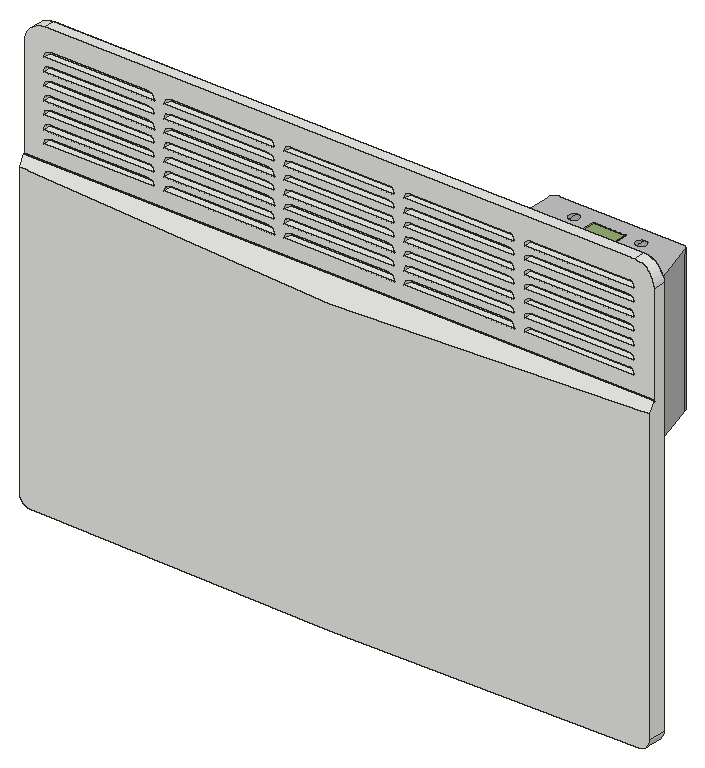
Revit family "Robuust 1500 SMART", category Generic Models, Revit 2018 (continued)
Cuts and joins
  Sweep 2, Extrusion 3, Extrusion 4, Extrusion 5, Extrusion 6, Extrusion 7, Extrusion 8, Extrusion 9, Extrusion 10, Extrusion 11, Extrusion 12, Extrusion 13, Extrusion 14, Extrusion 15, Extrusion 16, Extrusion 17, Extrusion 18, Extrusion 19, Extrusion 20, Extrusion 21, Extrusion 22, Extrusion 23, Extrusion 24, Extrusion 25, Extrusion 26, Extrusion 27, Extrusion 28, Extrusion 29, Extrusion 30, Extrusion 31, Extrusion 32, Extrusion 33, Extrusion 34, Extrusion 35, Extrusion 36, Extrusion 37, Extrusion 38, Extrusion 39, Extrusion 40, Extrusion 41, Extrusion 42, Extrusion 43, Extrusion 44, Extrusion 45, Extrusion 46, Extrusion 47, Extrusion 48, Extrusion 49, Extrusion 50, Extrusion 51, Extrusion 52, Extrusion 53, Extrusion 54, Extrusion 55, Extrusion 56, Extrusion 57, Extrusion 58, Extrusion 59, Extrusion 60, Extrusion 61, Extrusion 62, Extrusion 63, Extrusion 64, Extrusion 65, Extrusion 66, Extrusion 67, Extrusion 68, Extrusion 156, Extrusion 157, Extrusion 158, Extrusion 159, Extrusion 160, Extrusion 161, Extrusion 162, Extrusion 163, Extrusion 164, Extrusion 165, Extrusion 166, Extrusion 167, Extrusion 168, Extrusion 169, Extrusion 170, Extrusion 171, Extrusion 172, Extrusion 173, Extrusion 174, Extrusion 175 cuts Extrusion 1
  Extrusion 70, Extrusion 71, Extrusion 72, Extrusion 73, Extrusion 74, Extrusion 75, Extrusion 76, Extrusion 77, Extrusion 78, Extrusion 79, Extrusion 80, Extrusion 81, Extrusion 82, Extrusion 83, Extrusion 84, Extrusion 85, Extrusion 86, Extrusion 87, Extrusion 88, Extrusion 89, Extrusion 90, Extrusion 91, Extrusion 92, Extrusion 93, Extrusion 94, Extrusion 95, Extrusion 96, Extrusion 97, Extrusion 98, Extrusion 99, Extrusion 149, Extrusion 150, Extrusion 151, Extrusion 152, Extrusion 153, Extrusion 154, Extrusion 155, Extrusion 156, Extrusion 157, Extrusion 158, Extrusion 159, Extrusion 160, Extrusion 166, Extrusion 167, Extrusion 168, Extrusion 169, Extrusion 170 cuts Extrusion 69
  Extrusion 101, Extrusion 105, Extrusion 106, Extrusion 107, Extrusion 142, Extrusion 143 cuts Extrusion 100
  Extrusion 143 cuts Extrusion 108
  Extrusion 143 cuts Extrusion 109
  Extrusion 143 cuts Extrusion 110
  Extrusion 143 cuts Extrusion 111
  Extrusion 143 cuts Extrusion 112
  Extrusion 143 cuts Extrusion 113
  Extrusion 143 cuts Extrusion 114
  Extrusion 143 cuts Extrusion 115
  Extrusion 143 cuts Extrusion 116
  Extrusion 143 cuts Extrusion 117
  Extrusion 143 cuts Extrusion 118
  Extrusion 143 cuts Extrusion 119
  Extrusion 143 cuts Extrusion 120
  Extrusion 143 cuts Extrusion 121
  Extrusion 143 cuts Extrusion 122
  Extrusion 143 cuts Extrusion 123
  Extrusion 143 cuts Extrusion 124
  Extrusion 143 cuts Extrusion 125
  Extrusion 143 cuts Extrusion 126
  Extrusion 143 cuts Extrusion 127
  Extrusion 143 cuts Extrusion 128
  Extrusion 143 cuts Extrusion 129
  Extrusion 143 cuts Extrusion 130
  Extrusion 143 cuts Extrusion 131
  Extrusion 143 cuts Extrusion 132
  Extrusion 143 cuts Extrusion 133
  Extrusion 143 cuts Extrusion 134
  Extrusion 143 cuts Extrusion 135
  Extrusion 143 cuts Extrusion 136
  Extrusion 143 cuts Extrusion 137
  Extrusion 143 cuts Extrusion 138
  Extrusion 143 cuts Extrusion 139
  Extrusion 143 cuts Extrusion 140
  Extrusion 143 cuts Extrusion 141
  joined: Extrusion 100, Extrusion 108, Extrusion 109, Extrusion 110, Extrusion 111, Extrusion 112, Extrusion 113, Extrusion 114, Extrusion 115, Extrusion 116, Extrusion 117, Extrusion 118, Extrusion 119, Extrusion 120, Extrusion 121, Extrusion 122, Extrusion 123, Extrusion 124, Extrusion 125, Extrusion 126, Extrusion 127, Extrusion 128, Extrusion 129, Extrusion 130, Extrusion 131, Extrusion 132, Extrusion 133, Extrusion 134, Extrusion 135, Extrusion 136, Extrusion 137, Extrusion 138, Extrusion 139, Extrusion 140, Extrusion 141
  Extrusion 104 cuts Extrusion 103
Lines and regions (mm)
  sketch lines
    curve 1: line (-260, -30, 0) -> (-260, -30, 370)
    curve 2: line (-260, -30, 370) -> (260, -30, 370)
    curve 3: line (260, -30, 370) -> (260, -30, 0)
Dimensions and locks
  "Breedte": plane 15 to plane 16
  plane 13 to plane 3 "Center (Left/Right)" to plane 14 = 391 mm, 391 mm
  "Diepte": plane 5 to plane 1 "Center (Front/Back)"
  "Hoogte": plane 7 to level
  aligned and locked: level to plane 2
Automatic sketch dimensions
  plane 13 to Extrusion 1 sketch curve = 64 mm
  Extrusion 1 sketch curve to Extrusion 1 sketch curve = 10 mm
  plane 9 to Extrusion 1 sketch curve = 1 mm
  Extrusion 1 sketch curve to Extrusion 1 sketch curve = 20 mm
  Extrusion 1 sketch curve to plane 14 = 84 mm
  Extrusion 1 sketch curve to plane 14 = 74 mm
  Extrusion 1 sketch curve to plane 14 = 64 mm
  Extrusion 1 sketch curve to plane 8 = 10 mm
  profile plane to Sweep 2 sketch curve = 0 mm  (x2)
  profile plane to Sweep 2 sketch curve = 0.714 mm
  Sweep 2 sketch curve to profile plane = 0.796 mm
  Sweep 2 sketch curve to Sweep 2 sketch curve = 1.286 mm
  profile plane to Sweep 2 sketch curve = 60 mm
  Sweep 2 sketch curve to Sweep 2 sketch curve = 1.928 mm
  Sweep 2 sketch curve to Sweep 2 sketch curve = 1.072 mm
  profile plane to Sweep 2 sketch curve = 52.101 mm
  Sweep 2 sketch curve to Sweep 2 sketch curve = 34.601 mm
  Sweep 2 sketch curve to Sweep 2 sketch curve = 0 mm
  Extrusion 3 sketch curve to plane 10 = 70 mm
  plane 13 to Extrusion 3 sketch curve = 243 mm
  Extrusion 3 sketch curve to Extrusion 3 sketch curve = 15 mm
  Extrusion 3 sketch curve to Extrusion 3 sketch curve = 10 mm
  Extrusion 4 sketch curve to plane 10 = 70 mm
  plane 3 "Center (Left/Right)" to Extrusion 4 sketch curve = 123 mm
  Extrusion 4 sketch curve to Extrusion 4 sketch curve = 15 mm
  Extrusion 4 sketch curve to Extrusion 4 sketch curve = 10 mm
  Extrusion 5 sketch curve to plane 11 = 0 mm
  Extrusion 5 sketch curve to plane 4 = 0 mm  (x2)
  plane 8 to Extrusion 5 sketch curve = 0.184 mm
  Extrusion 5 sketch curve to plane 11 = 0.767 mm
  Extrusion 5 sketch curve to plane 8 = 0.788 mm
  plane 4 to Extrusion 5 sketch curve = 1.2 mm
  Extrusion 5 sketch curve to plane 12 = 0.221 mm
  plane 4 to Extrusion 5 sketch curve = 0.92 mm
  level to Extrusion 5 sketch curve = 1 mm
  Extrusion 5 sketch curve to Extrusion 5 sketch curve = 0 mm
  plane 6 to Extrusion 6 sketch curve = 2 mm
  Extrusion 6 sketch curve to plane 3 "Center (Left/Right)" = 183 mm
  Extrusion 6 sketch curve to Extrusion 6 sketch curve = 9 mm
  plane 11 to Extrusion 6 sketch curve = 3 mm
  plane 6 to Extrusion 7 sketch curve = 2 mm
  Extrusion 7 sketch curve to plane 3 "Center (Left/Right)" = 171 mm
  Extrusion 7 sketch curve to Extrusion 7 sketch curve = 9 mm
  plane 11 to Extrusion 7 sketch curve = 3 mm
  plane 6 to Extrusion 8 sketch curve = 2 mm
  Extrusion 8 sketch curve to plane 3 "Center (Left/Right)" = 159 mm
  Extrusion 8 sketch curve to Extrusion 8 sketch curve = 9 mm
  plane 11 to Extrusion 8 sketch curve = 3 mm
  plane 6 to Extrusion 9 sketch curve = 2 mm
  Extrusion 9 sketch curve to plane 3 "Center (Left/Right)" = 147 mm
  Extrusion 9 sketch curve to Extrusion 9 sketch curve = 9 mm
  plane 11 to Extrusion 9 sketch curve = 3 mm
  plane 6 to Extrusion 10 sketch curve = 2 mm
  Extrusion 10 sketch curve to plane 3 "Center (Left/Right)" = 135 mm
  Extrusion 10 sketch curve to Extrusion 10 sketch curve = 9 mm
  plane 11 to Extrusion 10 sketch curve = 3 mm
  plane 6 to Extrusion 11 sketch curve = 2 mm
  Extrusion 11 sketch curve to plane 3 "Center (Left/Right)" = 123 mm
  Extrusion 11 sketch curve to Extrusion 11 sketch curve = 9 mm
  plane 11 to Extrusion 11 sketch curve = 3 mm
  plane 6 to Extrusion 12 sketch curve = 2 mm
  Extrusion 12 sketch curve to plane 3 "Center (Left/Right)" = 111 mm
  Extrusion 12 sketch curve to Extrusion 12 sketch curve = 9 mm
  plane 11 to Extrusion 12 sketch curve = 3 mm
  plane 6 to Extrusion 13 sketch curve = 2 mm
  Extrusion 13 sketch curve to plane 3 "Center (Left/Right)" = 99 mm
  Extrusion 13 sketch curve to Extrusion 13 sketch curve = 9 mm
  plane 11 to Extrusion 13 sketch curve = 3 mm
  plane 6 to Extrusion 14 sketch curve = 2 mm
  Extrusion 14 sketch curve to plane 3 "Center (Left/Right)" = 87 mm
  Extrusion 14 sketch curve to Extrusion 14 sketch curve = 9 mm
  plane 11 to Extrusion 14 sketch curve = 3 mm
  plane 6 to Extrusion 15 sketch curve = 2 mm
  Extrusion 15 sketch curve to plane 3 "Center (Left/Right)" = 75 mm
  Extrusion 15 sketch curve to Extrusion 15 sketch curve = 9 mm
  plane 11 to Extrusion 15 sketch curve = 3 mm
  plane 6 to Extrusion 16 sketch curve = 2 mm
  Extrusion 16 sketch curve to plane 3 "Center (Left/Right)" = 63 mm
  Extrusion 16 sketch curve to Extrusion 16 sketch curve = 9 mm
  plane 11 to Extrusion 16 sketch curve = 3 mm
  plane 6 to Extrusion 17 sketch curve = 2 mm
  Extrusion 17 sketch curve to plane 3 "Center (Left/Right)" = 51 mm
  Extrusion 17 sketch curve to Extrusion 17 sketch curve = 9 mm
  plane 11 to Extrusion 17 sketch curve = 3 mm
  plane 6 to Extrusion 18 sketch curve = 2 mm
  Extrusion 18 sketch curve to plane 3 "Center (Left/Right)" = 39 mm
  Extrusion 18 sketch curve to Extrusion 18 sketch curve = 9 mm
  plane 11 to Extrusion 18 sketch curve = 3 mm
  plane 6 to Extrusion 19 sketch curve = 2 mm
  Extrusion 19 sketch curve to plane 3 "Center (Left/Right)" = 27 mm
  Extrusion 19 sketch curve to Extrusion 19 sketch curve = 9 mm
  plane 11 to Extrusion 19 sketch curve = 3 mm
  plane 6 to Extrusion 20 sketch curve = 2 mm
  Extrusion 20 sketch curve to plane 3 "Center (Left/Right)" = 15 mm
  Extrusion 20 sketch curve to plane 3 "Center (Left/Right)" = 6 mm
  plane 11 to Extrusion 20 sketch curve = 3 mm
  Extrusion 21 sketch curve to plane 3 "Center (Left/Right)" = 3 mm
  plane 6 to Extrusion 21 sketch curve = 2 mm
  plane 3 "Center (Left/Right)" to Extrusion 21 sketch curve = 6 mm
  plane 11 to Extrusion 21 sketch curve = 3 mm
  plane 6 to Extrusion 22 sketch curve = 2 mm
  plane 3 "Center (Left/Right)" to Extrusion 22 sketch curve = 9 mm
  Extrusion 22 sketch curve to Extrusion 22 sketch curve = 9 mm
  plane 11 to Extrusion 22 sketch curve = 3 mm
  plane 6 to Extrusion 23 sketch curve = 2 mm
  plane 3 "Center (Left/Right)" to Extrusion 23 sketch curve = 21 mm
  Extrusion 23 sketch curve to Extrusion 23 sketch curve = 9 mm
  plane 11 to Extrusion 23 sketch curve = 3 mm
  plane 6 to Extrusion 24 sketch curve = 2 mm
  plane 3 "Center (Left/Right)" to Extrusion 24 sketch curve = 33 mm
  Extrusion 24 sketch curve to Extrusion 24 sketch curve = 9 mm
  plane 11 to Extrusion 24 sketch curve = 3 mm
  plane 6 to Extrusion 25 sketch curve = 2 mm
  plane 3 "Center (Left/Right)" to Extrusion 25 sketch curve = 45 mm
  Extrusion 25 sketch curve to Extrusion 25 sketch curve = 9 mm
  plane 11 to Extrusion 25 sketch curve = 3 mm
  plane 6 to Extrusion 26 sketch curve = 2 mm
  plane 3 "Center (Left/Right)" to Extrusion 26 sketch curve = 57 mm
  Extrusion 26 sketch curve to Extrusion 26 sketch curve = 9 mm
  plane 11 to Extrusion 26 sketch curve = 3 mm
  plane 6 to Extrusion 27 sketch curve = 2 mm
  plane 3 "Center (Left/Right)" to Extrusion 27 sketch curve = 69 mm
  Extrusion 27 sketch curve to Extrusion 27 sketch curve = 9 mm
  plane 11 to Extrusion 27 sketch curve = 3 mm
  plane 6 to Extrusion 28 sketch curve = 2 mm
  plane 3 "Center (Left/Right)" to Extrusion 28 sketch curve = 81 mm
  Extrusion 28 sketch curve to Extrusion 28 sketch curve = 9 mm
  plane 11 to Extrusion 28 sketch curve = 3 mm
  plane 6 to Extrusion 29 sketch curve = 2 mm
  plane 3 "Center (Left/Right)" to Extrusion 29 sketch curve = 93 mm
  Extrusion 29 sketch curve to Extrusion 29 sketch curve = 9 mm
  plane 11 to Extrusion 29 sketch curve = 3 mm
  plane 6 to Extrusion 30 sketch curve = 2 mm
  plane 3 "Center (Left/Right)" to Extrusion 30 sketch curve = 105 mm
  Extrusion 30 sketch curve to Extrusion 30 sketch curve = 9 mm
  plane 11 to Extrusion 30 sketch curve = 3 mm
  plane 6 to Extrusion 31 sketch curve = 2 mm
  plane 3 "Center (Left/Right)" to Extrusion 31 sketch curve = 117 mm
  Extrusion 31 sketch curve to Extrusion 31 sketch curve = 9 mm
  plane 11 to Extrusion 31 sketch curve = 3 mm
  plane 6 to Extrusion 32 sketch curve = 2 mm
  plane 3 "Center (Left/Right)" to Extrusion 32 sketch curve = 129 mm
  Extrusion 32 sketch curve to Extrusion 32 sketch curve = 9 mm
  plane 11 to Extrusion 32 sketch curve = 3 mm
  plane 6 to Extrusion 33 sketch curve = 2 mm
  plane 3 "Center (Left/Right)" to Extrusion 33 sketch curve = 141 mm
  Extrusion 33 sketch curve to Extrusion 33 sketch curve = 9 mm
  plane 11 to Extrusion 33 sketch curve = 3 mm
  plane 6 to Extrusion 34 sketch curve = 2 mm
  plane 3 "Center (Left/Right)" to Extrusion 34 sketch curve = 153 mm
  Extrusion 34 sketch curve to Extrusion 34 sketch curve = 9 mm
  plane 11 to Extrusion 34 sketch curve = 3 mm
  plane 6 to Extrusion 35 sketch curve = 2 mm
  plane 3 "Center (Left/Right)" to Extrusion 35 sketch curve = 165 mm
  Extrusion 35 sketch curve to Extrusion 35 sketch curve = 9 mm
  plane 11 to Extrusion 35 sketch curve = 3 mm
  Extrusion 36 sketch curve to plane 11 = 21 mm
  plane 3 "Center (Left/Right)" to Extrusion 36 sketch curve = 165 mm
  plane 4 to Extrusion 36 sketch curve = 4 mm
  Extrusion 36 sketch curve to Extrusion 36 sketch curve = 0 mm
  Extrusion 36 sketch curve to Extrusion 36 sketch curve = 9 mm  (x2)
  Extrusion 36 sketch curve to plane 11 = 1 mm
  Extrusion 36 sketch curve to Extrusion 36 sketch curve = 5 mm
  Extrusion 37 sketch curve to plane 11 = 21 mm
  plane 3 "Center (Left/Right)" to Extrusion 37 sketch curve = 153 mm
  plane 4 to Extrusion 37 sketch curve = 4 mm
  Extrusion 37 sketch curve to Extrusion 37 sketch curve = 0 mm
  Extrusion 37 sketch curve to Extrusion 37 sketch curve = 9 mm  (x2)
  Extrusion 37 sketch curve to plane 11 = 1 mm
  Extrusion 37 sketch curve to Extrusion 37 sketch curve = 5 mm
  Extrusion 38 sketch curve to plane 11 = 21 mm
  plane 3 "Center (Left/Right)" to Extrusion 38 sketch curve = 141 mm
  plane 4 to Extrusion 38 sketch curve = 4 mm
  Extrusion 38 sketch curve to Extrusion 38 sketch curve = 0 mm
  Extrusion 38 sketch curve to Extrusion 38 sketch curve = 9 mm  (x2)
  Extrusion 38 sketch curve to plane 11 = 1 mm
  Extrusion 38 sketch curve to Extrusion 38 sketch curve = 5 mm
  Extrusion 39 sketch curve to plane 11 = 21 mm
  plane 3 "Center (Left/Right)" to Extrusion 39 sketch curve = 129 mm
  plane 4 to Extrusion 39 sketch curve = 4 mm
  Extrusion 39 sketch curve to Extrusion 39 sketch curve = 0 mm
  Extrusion 39 sketch curve to Extrusion 39 sketch curve = 9 mm  (x2)
  Extrusion 39 sketch curve to plane 11 = 1 mm
  Extrusion 39 sketch curve to Extrusion 39 sketch curve = 5 mm
  Extrusion 40 sketch curve to plane 11 = 21 mm
  plane 3 "Center (Left/Right)" to Extrusion 40 sketch curve = 117 mm
  plane 4 to Extrusion 40 sketch curve = 4 mm
  Extrusion 40 sketch curve to Extrusion 40 sketch curve = 0 mm
  Extrusion 40 sketch curve to Extrusion 40 sketch curve = 9 mm  (x2)
  Extrusion 40 sketch curve to plane 11 = 1 mm
  Extrusion 40 sketch curve to Extrusion 40 sketch curve = 5 mm
  Extrusion 41 sketch curve to plane 11 = 21 mm
  plane 3 "Center (Left/Right)" to Extrusion 41 sketch curve = 105 mm
  plane 4 to Extrusion 41 sketch curve = 4 mm
  Extrusion 41 sketch curve to Extrusion 41 sketch curve = 0 mm
  Extrusion 41 sketch curve to Extrusion 41 sketch curve = 9 mm  (x2)
  Extrusion 41 sketch curve to plane 11 = 1 mm
  Extrusion 41 sketch curve to Extrusion 41 sketch curve = 5 mm
  Extrusion 42 sketch curve to plane 11 = 21 mm
  plane 3 "Center (Left/Right)" to Extrusion 42 sketch curve = 93 mm
  plane 4 to Extrusion 42 sketch curve = 4 mm
  Extrusion 42 sketch curve to Extrusion 42 sketch curve = 0 mm
  Extrusion 42 sketch curve to Extrusion 42 sketch curve = 9 mm  (x2)
  Extrusion 42 sketch curve to plane 11 = 1 mm
  Extrusion 42 sketch curve to Extrusion 42 sketch curve = 5 mm
  Extrusion 43 sketch curve to plane 11 = 21 mm
  plane 3 "Center (Left/Right)" to Extrusion 43 sketch curve = 81 mm
  plane 4 to Extrusion 43 sketch curve = 4 mm
  Extrusion 43 sketch curve to Extrusion 43 sketch curve = 0 mm
  Extrusion 43 sketch curve to Extrusion 43 sketch curve = 9 mm  (x2)
  Extrusion 43 sketch curve to plane 11 = 1 mm
  Extrusion 43 sketch curve to Extrusion 43 sketch curve = 5 mm
  Extrusion 44 sketch curve to plane 11 = 21 mm
  plane 3 "Center (Left/Right)" to Extrusion 44 sketch curve = 69 mm
  plane 4 to Extrusion 44 sketch curve = 4 mm
  Extrusion 44 sketch curve to Extrusion 44 sketch curve = 0 mm
  Extrusion 44 sketch curve to Extrusion 44 sketch curve = 9 mm  (x2)
  Extrusion 44 sketch curve to plane 11 = 1 mm
  Extrusion 44 sketch curve to Extrusion 44 sketch curve = 5 mm
  Extrusion 45 sketch curve to plane 11 = 21 mm
  plane 3 "Center (Left/Right)" to Extrusion 45 sketch curve = 57 mm
  plane 4 to Extrusion 45 sketch curve = 4 mm
  Extrusion 45 sketch curve to Extrusion 45 sketch curve = 0 mm
  Extrusion 45 sketch curve to Extrusion 45 sketch curve = 9 mm  (x2)
  Extrusion 45 sketch curve to plane 11 = 1 mm
  Extrusion 45 sketch curve to Extrusion 45 sketch curve = 5 mm
  Extrusion 46 sketch curve to plane 11 = 21 mm
  plane 3 "Center (Left/Right)" to Extrusion 46 sketch curve = 45 mm
  plane 4 to Extrusion 46 sketch curve = 4 mm
  Extrusion 46 sketch curve to Extrusion 46 sketch curve = 0 mm
  Extrusion 46 sketch curve to Extrusion 46 sketch curve = 9 mm  (x2)
  Extrusion 46 sketch curve to plane 11 = 1 mm
  Extrusion 46 sketch curve to Extrusion 46 sketch curve = 5 mm
  plane 3 "Center (Left/Right)" to Extrusion 47 sketch curve = 33 mm
  plane 4 to Extrusion 47 sketch curve = 4 mm
  Extrusion 47 sketch curve to Extrusion 47 sketch curve = 0 mm
  Extrusion 47 sketch curve to Extrusion 47 sketch curve = 9 mm  (x2)
  Extrusion 47 sketch curve to Extrusion 47 sketch curve = 20 mm
  Extrusion 47 sketch curve to Extrusion 47 sketch curve = 5 mm
  Extrusion 47 sketch curve to plane 11 = 1 mm
  plane 3 "Center (Left/Right)" to Extrusion 48 sketch curve = 21 mm  (x2)
  plane 4 to Extrusion 48 sketch curve = 4 mm
  Extrusion 48 sketch curve to Extrusion 48 sketch curve = 9 mm  (x2)
  Extrusion 48 sketch curve to Extrusion 48 sketch curve = 20 mm
  Extrusion 48 sketch curve to Extrusion 48 sketch curve = 5 mm
  Extrusion 48 sketch curve to plane 11 = 1 mm
  plane 3 "Center (Left/Right)" to Extrusion 49 sketch curve = 9 mm  (x2)
  plane 4 to Extrusion 49 sketch curve = 4 mm
  Extrusion 49 sketch curve to Extrusion 49 sketch curve = 9 mm  (x2)
  Extrusion 49 sketch curve to Extrusion 49 sketch curve = 20 mm
  Extrusion 49 sketch curve to Extrusion 49 sketch curve = 5 mm
  Extrusion 49 sketch curve to plane 11 = 1 mm
  Extrusion 50 sketch curve to plane 3 "Center (Left/Right)" = 3 mm  (x2)
  plane 3 "Center (Left/Right)" to Extrusion 50 sketch curve = 6 mm  (x2)
  Extrusion 50 sketch curve to plane 11 = 1 mm
  Extrusion 50 sketch curve to Extrusion 50 sketch curve = 20 mm
  Extrusion 50 sketch curve to Extrusion 50 sketch curve = 5 mm
  plane 4 to Extrusion 50 sketch curve = 4 mm
  Extrusion 51 sketch curve to plane 3 "Center (Left/Right)" = 15 mm  (x2)
  plane 4 to Extrusion 51 sketch curve = 4 mm
  Extrusion 51 sketch curve to plane 3 "Center (Left/Right)" = 6 mm  (x2)
  Extrusion 51 sketch curve to Extrusion 51 sketch curve = 20 mm
  Extrusion 51 sketch curve to Extrusion 51 sketch curve = 5 mm
  Extrusion 51 sketch curve to plane 11 = 1 mm
  Extrusion 52 sketch curve to plane 3 "Center (Left/Right)" = 27 mm
  plane 4 to Extrusion 52 sketch curve = 4 mm
  Extrusion 52 sketch curve to Extrusion 52 sketch curve = 0 mm
  Extrusion 52 sketch curve to Extrusion 52 sketch curve = 9 mm  (x2)
  Extrusion 52 sketch curve to Extrusion 52 sketch curve = 20 mm
  Extrusion 52 sketch curve to Extrusion 52 sketch curve = 5 mm
  Extrusion 52 sketch curve to plane 11 = 1 mm
  Extrusion 53 sketch curve to plane 3 "Center (Left/Right)" = 39 mm
  plane 4 to Extrusion 53 sketch curve = 4 mm
  Extrusion 53 sketch curve to Extrusion 53 sketch curve = 0 mm
  Extrusion 53 sketch curve to Extrusion 53 sketch curve = 9 mm  (x2)
  Extrusion 53 sketch curve to Extrusion 53 sketch curve = 20 mm
  Extrusion 53 sketch curve to Extrusion 53 sketch curve = 5 mm
  Extrusion 53 sketch curve to plane 11 = 1 mm
  Extrusion 54 sketch curve to plane 11 = 21 mm
  Extrusion 54 sketch curve to plane 3 "Center (Left/Right)" = 51 mm
  plane 4 to Extrusion 54 sketch curve = 4 mm
  Extrusion 54 sketch curve to Extrusion 54 sketch curve = 0 mm
  Extrusion 54 sketch curve to Extrusion 54 sketch curve = 9 mm  (x2)
  Extrusion 54 sketch curve to plane 11 = 1 mm
  Extrusion 54 sketch curve to Extrusion 54 sketch curve = 5 mm
  Extrusion 55 sketch curve to plane 11 = 21 mm
  Extrusion 55 sketch curve to plane 3 "Center (Left/Right)" = 63 mm
  plane 4 to Extrusion 55 sketch curve = 4 mm
  Extrusion 55 sketch curve to Extrusion 55 sketch curve = 0 mm
  Extrusion 55 sketch curve to Extrusion 55 sketch curve = 9 mm  (x2)
  Extrusion 55 sketch curve to plane 11 = 1 mm
  Extrusion 55 sketch curve to Extrusion 55 sketch curve = 5 mm
  Extrusion 56 sketch curve to plane 11 = 21 mm
  Extrusion 56 sketch curve to plane 3 "Center (Left/Right)" = 75 mm
  plane 4 to Extrusion 56 sketch curve = 4 mm
  Extrusion 56 sketch curve to Extrusion 56 sketch curve = 0 mm
  Extrusion 56 sketch curve to Extrusion 56 sketch curve = 9 mm  (x2)
  Extrusion 56 sketch curve to plane 11 = 1 mm
  Extrusion 56 sketch curve to Extrusion 56 sketch curve = 5 mm
  Extrusion 57 sketch curve to plane 11 = 21 mm
  Extrusion 57 sketch curve to plane 3 "Center (Left/Right)" = 87 mm
  plane 4 to Extrusion 57 sketch curve = 4 mm
  Extrusion 57 sketch curve to Extrusion 57 sketch curve = 0 mm
  Extrusion 57 sketch curve to Extrusion 57 sketch curve = 9 mm  (x2)
  Extrusion 57 sketch curve to plane 11 = 1 mm
  Extrusion 57 sketch curve to Extrusion 57 sketch curve = 5 mm
  Extrusion 58 sketch curve to plane 11 = 21 mm
  Extrusion 58 sketch curve to plane 3 "Center (Left/Right)" = 99 mm
  plane 4 to Extrusion 58 sketch curve = 4 mm
  Extrusion 58 sketch curve to Extrusion 58 sketch curve = 0 mm
  Extrusion 58 sketch curve to Extrusion 58 sketch curve = 9 mm  (x2)
  Extrusion 58 sketch curve to plane 11 = 1 mm
  Extrusion 58 sketch curve to Extrusion 58 sketch curve = 5 mm
  Extrusion 59 sketch curve to plane 11 = 21 mm
  Extrusion 59 sketch curve to plane 3 "Center (Left/Right)" = 111 mm
  plane 4 to Extrusion 59 sketch curve = 4 mm
  Extrusion 59 sketch curve to Extrusion 59 sketch curve = 0 mm
  Extrusion 59 sketch curve to Extrusion 59 sketch curve = 9 mm  (x2)
  Extrusion 59 sketch curve to plane 11 = 1 mm
  Extrusion 59 sketch curve to Extrusion 59 sketch curve = 5 mm
  Extrusion 60 sketch curve to plane 11 = 21 mm
  Extrusion 60 sketch curve to plane 3 "Center (Left/Right)" = 123 mm
  plane 4 to Extrusion 60 sketch curve = 4 mm
  Extrusion 60 sketch curve to Extrusion 60 sketch curve = 0 mm
  Extrusion 60 sketch curve to Extrusion 60 sketch curve = 9 mm  (x2)
  Extrusion 60 sketch curve to plane 11 = 1 mm
  Extrusion 60 sketch curve to Extrusion 60 sketch curve = 5 mm
  Extrusion 61 sketch curve to plane 11 = 21 mm
  Extrusion 61 sketch curve to plane 3 "Center (Left/Right)" = 135 mm
  plane 4 to Extrusion 61 sketch curve = 4 mm
  Extrusion 61 sketch curve to Extrusion 61 sketch curve = 0 mm
  Extrusion 61 sketch curve to Extrusion 61 sketch curve = 9 mm  (x2)
  Extrusion 61 sketch curve to plane 11 = 1 mm
  Extrusion 61 sketch curve to Extrusion 61 sketch curve = 5 mm
  Extrusion 62 sketch curve to plane 11 = 21 mm
  Extrusion 62 sketch curve to plane 3 "Center (Left/Right)" = 147 mm
  plane 4 to Extrusion 62 sketch curve = 4 mm
  Extrusion 62 sketch curve to Extrusion 62 sketch curve = 0 mm
  Extrusion 62 sketch curve to Extrusion 62 sketch curve = 9 mm  (x2)
  Extrusion 62 sketch curve to plane 11 = 1 mm
  Extrusion 62 sketch curve to Extrusion 62 sketch curve = 5 mm
  Extrusion 63 sketch curve to plane 11 = 21 mm
  Extrusion 63 sketch curve to plane 3 "Center (Left/Right)" = 159 mm
  plane 4 to Extrusion 63 sketch curve = 4 mm
  Extrusion 63 sketch curve to Extrusion 63 sketch curve = 0 mm
  Extrusion 63 sketch curve to Extrusion 63 sketch curve = 9 mm  (x2)
  Extrusion 63 sketch curve to plane 11 = 1 mm
  Extrusion 63 sketch curve to Extrusion 63 sketch curve = 5 mm
  Extrusion 64 sketch curve to plane 11 = 21 mm
  Extrusion 64 sketch curve to plane 3 "Center (Left/Right)" = 171 mm
  plane 4 to Extrusion 64 sketch curve = 4 mm
  Extrusion 64 sketch curve to Extrusion 64 sketch curve = 0 mm
  Extrusion 64 sketch curve to Extrusion 64 sketch curve = 9 mm  (x2)
  Extrusion 64 sketch curve to plane 11 = 1 mm
  Extrusion 64 sketch curve to Extrusion 64 sketch curve = 5 mm
  Extrusion 65 sketch curve to plane 11 = 21 mm
  Extrusion 65 sketch curve to plane 3 "Center (Left/Right)" = 183 mm
  plane 4 to Extrusion 65 sketch curve = 4 mm
  Extrusion 65 sketch curve to Extrusion 65 sketch curve = 0 mm
  Extrusion 65 sketch curve to Extrusion 65 sketch curve = 9 mm  (x2)
  Extrusion 65 sketch curve to plane 11 = 1 mm
  Extrusion 65 sketch curve to Extrusion 65 sketch curve = 5 mm
  Extrusion 66 sketch curve to plane 11 = 2 mm
  Extrusion 66 sketch curve to plane 14 = 153 mm
  plane 4 to Extrusion 66 sketch curve = 4 mm
  Extrusion 66 sketch curve to Extrusion 66 sketch curve = 0 mm  (x2)
  Extrusion 66 sketch curve to Extrusion 66 sketch curve = 9 mm
  Extrusion 66 sketch curve to Extrusion 66 sketch curve = 18 mm
  Extrusion 66 sketch curve to Extrusion 66 sketch curve = 8 mm
  Extrusion 67 sketch curve to plane 14 = 191 mm
  Extrusion 67 sketch curve to Extrusion 67 sketch curve = 8 mm  (x2)
  plane 12 to Extrusion 67 sketch curve = 126 mm
  Extrusion 68 sketch curve to plane 13 = 191 mm
  Extrusion 68 sketch curve to Extrusion 68 sketch curve = 8 mm  (x2)
  Extrusion 68 sketch curve to plane 12 = 126 mm
  plane 13 to Extrusion 69 sketch curve = 63 mm
  Extrusion 69 sketch curve to level = 0 mm
  Extrusion 69 sketch curve to plane 7 = 0 mm
  Extrusion 69 sketch curve to plane 14 = 63 mm
  Extrusion 69 sketch curve to plane 8 = 10 mm  (x2)
  plane 13 to Extrusion 69 sketch curve = 84 mm
  plane 9 to Extrusion 69 sketch curve = 1 mm
  Extrusion 70 sketch curve to plane 5 = 0 mm
  Extrusion 70 sketch curve to plane 7 = 0 mm
  Extrusion 70 sketch curve to plane 5 = 10.5 mm
  Extrusion 70 sketch curve to Extrusion 70 sketch curve = 1.286 mm
  Extrusion 70 sketch curve to Extrusion 70 sketch curve = 0.214 mm
  Extrusion 70 sketch curve to plane 10 = 34.585 mm
  Extrusion 70 sketch curve to Extrusion 70 sketch curve = 19.644 mm
  Extrusion 72 sketch curve to plane 9 = 6 mm
  Extrusion 72 sketch curve to plane 3 "Center (Left/Right)" = 182.5 mm
  Extrusion 72 sketch curve to Extrusion 72 sketch curve = 7 mm
  Extrusion 72 sketch curve to plane 3 "Center (Left/Right)" = 74.5 mm
  Extrusion 73 sketch curve to plane 9 = 19.5 mm
  Extrusion 73 sketch curve to plane 3 "Center (Left/Right)" = 182.5 mm
  Extrusion 73 sketch curve to Extrusion 73 sketch curve = 7 mm
  Extrusion 73 sketch curve to plane 3 "Center (Left/Right)" = 74.5 mm
  Extrusion 74 sketch curve to plane 9 = 33 mm
  Extrusion 74 sketch curve to plane 3 "Center (Left/Right)" = 182.5 mm
  Extrusion 74 sketch curve to Extrusion 74 sketch curve = 7 mm
  Extrusion 74 sketch curve to plane 3 "Center (Left/Right)" = 74.5 mm
  plane 10 to Extrusion 75 sketch curve = 21.5 mm
  Extrusion 75 sketch curve to plane 3 "Center (Left/Right)" = 182.5 mm
  Extrusion 75 sketch curve to Extrusion 75 sketch curve = 7 mm
  Extrusion 75 sketch curve to plane 3 "Center (Left/Right)" = 74.5 mm
  plane 10 to Extrusion 76 sketch curve = 8 mm
  Extrusion 76 sketch curve to plane 3 "Center (Left/Right)" = 182.5 mm
  Extrusion 76 sketch curve to Extrusion 76 sketch curve = 7 mm
  Extrusion 76 sketch curve to plane 3 "Center (Left/Right)" = 74.5 mm
  Extrusion 77 sketch curve to plane 10 = 5.5 mm
  Extrusion 77 sketch curve to plane 3 "Center (Left/Right)" = 182.5 mm
  Extrusion 77 sketch curve to Extrusion 77 sketch curve = 7 mm
  Extrusion 77 sketch curve to plane 3 "Center (Left/Right)" = 74.5 mm
  Extrusion 78 sketch curve to plane 10 = 19 mm
  Extrusion 78 sketch curve to plane 3 "Center (Left/Right)" = 182.5 mm
  Extrusion 78 sketch curve to Extrusion 78 sketch curve = 7 mm
  Extrusion 78 sketch curve to plane 3 "Center (Left/Right)" = 74.5 mm
  Extrusion 79 sketch curve to plane 9 = 6 mm
  plane 13 to Extrusion 79 sketch curve = 83.5 mm
  Extrusion 79 sketch curve to Extrusion 79 sketch curve = 7 mm
  Extrusion 79 sketch curve to Extrusion 79 sketch curve = 101 mm
  Extrusion 80 sketch curve to plane 9 = 19.5 mm
  plane 13 to Extrusion 80 sketch curve = 83.5 mm
  Extrusion 80 sketch curve to Extrusion 80 sketch curve = 7 mm
  Extrusion 80 sketch curve to Extrusion 80 sketch curve = 101 mm
  Extrusion 81 sketch curve to plane 9 = 33 mm
  plane 13 to Extrusion 81 sketch curve = 83.5 mm
  Extrusion 81 sketch curve to Extrusion 81 sketch curve = 7 mm
  Extrusion 81 sketch curve to Extrusion 81 sketch curve = 101 mm
  plane 10 to Extrusion 82 sketch curve = 21.5 mm
  plane 13 to Extrusion 82 sketch curve = 83.5 mm
  Extrusion 82 sketch curve to Extrusion 82 sketch curve = 7 mm
  Extrusion 82 sketch curve to Extrusion 82 sketch curve = 101 mm
  plane 10 to Extrusion 83 sketch curve = 8 mm
  plane 13 to Extrusion 83 sketch curve = 83.5 mm
  Extrusion 83 sketch curve to Extrusion 83 sketch curve = 7 mm
  Extrusion 83 sketch curve to Extrusion 83 sketch curve = 101 mm
  Extrusion 84 sketch curve to plane 10 = 5.5 mm
  plane 13 to Extrusion 84 sketch curve = 83.5 mm
  Extrusion 84 sketch curve to Extrusion 84 sketch curve = 7 mm
  Extrusion 84 sketch curve to Extrusion 84 sketch curve = 101 mm
  Extrusion 85 sketch curve to plane 10 = 19 mm
  plane 13 to Extrusion 85 sketch curve = 83.5 mm
  Extrusion 85 sketch curve to Extrusion 85 sketch curve = 7 mm
  Extrusion 85 sketch curve to Extrusion 85 sketch curve = 101 mm
  plane 9 to Extrusion 86 sketch curve = 6 mm
  Extrusion 86 sketch curve to plane 3 "Center (Left/Right)" = 57.5 mm
  Extrusion 86 sketch curve to Extrusion 86 sketch curve = 7 mm
  plane 3 "Center (Left/Right)" to Extrusion 86 sketch curve = 50.5 mm
  plane 9 to Extrusion 87 sketch curve = 19.5 mm
  Extrusion 87 sketch curve to plane 3 "Center (Left/Right)" = 57.5 mm
  Extrusion 87 sketch curve to Extrusion 87 sketch curve = 7 mm
  plane 3 "Center (Left/Right)" to Extrusion 87 sketch curve = 50.5 mm
  plane 9 to Extrusion 88 sketch curve = 33 mm
  Extrusion 88 sketch curve to plane 3 "Center (Left/Right)" = 57.5 mm
  Extrusion 88 sketch curve to Extrusion 88 sketch curve = 7 mm
  plane 3 "Center (Left/Right)" to Extrusion 88 sketch curve = 50.5 mm
  Extrusion 89 sketch curve to plane 10 = 21.5 mm
  Extrusion 89 sketch curve to plane 3 "Center (Left/Right)" = 57.5 mm
  Extrusion 89 sketch curve to Extrusion 89 sketch curve = 7 mm
  plane 3 "Center (Left/Right)" to Extrusion 89 sketch curve = 50.5 mm
  Extrusion 90 sketch curve to plane 10 = 8 mm
  Extrusion 90 sketch curve to plane 3 "Center (Left/Right)" = 57.5 mm
  Extrusion 90 sketch curve to Extrusion 90 sketch curve = 7 mm
  plane 3 "Center (Left/Right)" to Extrusion 90 sketch curve = 50.5 mm
  plane 10 to Extrusion 91 sketch curve = 5.5 mm
  Extrusion 91 sketch curve to plane 3 "Center (Left/Right)" = 57.5 mm
  Extrusion 91 sketch curve to Extrusion 91 sketch curve = 7 mm
  plane 3 "Center (Left/Right)" to Extrusion 91 sketch curve = 50.5 mm
  plane 10 to Extrusion 92 sketch curve = 19 mm
  Extrusion 92 sketch curve to plane 3 "Center (Left/Right)" = 57.5 mm
  Extrusion 92 sketch curve to Extrusion 92 sketch curve = 7 mm
  plane 3 "Center (Left/Right)" to Extrusion 92 sketch curve = 50.5 mm
  plane 9 to Extrusion 93 sketch curve = 6 mm
  plane 14 to Extrusion 93 sketch curve = 208.5 mm
  Extrusion 93 sketch curve to Extrusion 93 sketch curve = 7 mm
  Extrusion 93 sketch curve to Extrusion 93 sketch curve = 101 mm
  plane 9 to Extrusion 94 sketch curve = 19.5 mm
  plane 14 to Extrusion 94 sketch curve = 208.5 mm
  Extrusion 94 sketch curve to Extrusion 94 sketch curve = 7 mm
  Extrusion 94 sketch curve to Extrusion 94 sketch curve = 101 mm
  plane 9 to Extrusion 95 sketch curve = 33 mm
  plane 14 to Extrusion 95 sketch curve = 208.5 mm
  Extrusion 95 sketch curve to Extrusion 95 sketch curve = 7 mm
  Extrusion 95 sketch curve to Extrusion 95 sketch curve = 101 mm
  Extrusion 96 sketch curve to plane 10 = 21.5 mm
  plane 14 to Extrusion 96 sketch curve = 208.5 mm
  Extrusion 96 sketch curve to Extrusion 96 sketch curve = 7 mm
  Extrusion 96 sketch curve to Extrusion 96 sketch curve = 101 mm
  Extrusion 97 sketch curve to plane 10 = 8 mm
  plane 14 to Extrusion 97 sketch curve = 208.5 mm
  Extrusion 97 sketch curve to Extrusion 97 sketch curve = 7 mm
  Extrusion 97 sketch curve to Extrusion 97 sketch curve = 101 mm
  plane 10 to Extrusion 98 sketch curve = 5.5 mm
  plane 14 to Extrusion 98 sketch curve = 208.5 mm
  Extrusion 98 sketch curve to Extrusion 98 sketch curve = 7 mm
  Extrusion 98 sketch curve to Extrusion 98 sketch curve = 101 mm
  plane 10 to Extrusion 99 sketch curve = 19 mm
  plane 14 to Extrusion 99 sketch curve = 208.5 mm
  Extrusion 99 sketch curve to Extrusion 99 sketch curve = 7 mm
  Extrusion 99 sketch curve to Extrusion 99 sketch curve = 101 mm
  plane 6 to Extrusion 100 sketch curve = 0 mm
  Extrusion 100 sketch curve to plane 14 = 239 mm
  Extrusion 100 sketch curve to Extrusion 100 sketch curve = 7 mm
  Extrusion 100 sketch curve to plane 4 = 5 mm
  Extrusion 100 sketch curve to plane 14 = 104.175 mm
  Extrusion 100 sketch curve to plane 4 = 7.052 mm
  Extrusion 100 sketch curve to Extrusion 100 sketch curve = 6.692 mm
  Extrusion 100 sketch curve to plane 14 = 76 mm
  Extrusion 101 sketch curve to plane 11 = 3 mm
  Extrusion 101 sketch curve to plane 14 = 239 mm
  Extrusion 101 sketch curve to Extrusion 101 sketch curve = 7 mm
  Extrusion 101 sketch curve to plane 4 = 12 mm
  Extrusion 101 sketch curve to plane 14 = 104.175 mm
  Extrusion 101 sketch curve to plane 4 = 7.052 mm
  Extrusion 101 sketch curve to Extrusion 101 sketch curve = 6.692 mm
  Extrusion 101 sketch curve to plane 14 = 80.907 mm
  plane 9 to Extrusion 102 sketch curve = 1 mm
  Extrusion 102 sketch curve to plane 14 = 77 mm
  Extrusion 102 sketch curve to Extrusion 102 sketch curve = 1 mm  (x2)
  Extrusion 102 sketch curve to plane 9 = 5 mm
  Extrusion 102 sketch curve to plane 10 = 87 mm
  Extrusion 103 sketch curve to Extrusion 103 sketch curve = 0 mm  (x4)
  Extrusion 103 sketch curve to plane 6 = 0 mm
  Extrusion 103 sketch curve to plane 4 = 0 mm
  Extrusion 103 sketch curve to plane 6 = 1.072 mm
  Extrusion 103 sketch curve to plane 6 = 3 mm
  plane 4 to Extrusion 103 sketch curve = 2 mm
  plane 4 to Extrusion 103 sketch curve = 0.714 mm
  Extrusion 103 sketch curve to plane 4 = 1.214 mm
  Extrusion 103 sketch curve to plane 4 = 3 mm
  Extrusion 103 sketch curve to plane 10 = 93 mm
  plane 10 to Extrusion 103 sketch curve = 9.204 mm
  Extrusion 103 sketch curve to plane 9 = 5.899 mm
  plane 9 to Extrusion 103 sketch curve = 1 mm
  Extrusion 104 sketch curve to plane 10 = 93 mm
  Extrusion 104 sketch curve to plane 14 = 250 mm
  plane 9 to Extrusion 104 sketch curve = 1 mm
  Extrusion 104 sketch curve to Extrusion 104 sketch curve = 0 mm  (x7)
  Extrusion 104 sketch curve to Extrusion 104 sketch curve = 6 mm  (x3)
  Extrusion 104 sketch curve to plane 9 = 5 mm
  Extrusion 105 sketch curve to plane 9 = 4.6 mm  (x4)
  Extrusion 105 sketch curve to plane 14 = 236 mm
  Extrusion 105 sketch curve to Extrusion 105 sketch curve = 0 mm  (x16)
  Extrusion 105 sketch curve to Extrusion 105 sketch curve = 16 mm  (x8)
  Extrusion 105 sketch curve to plane 9 = 0.6 mm  (x8)
  Extrusion 105 sketch curve to Extrusion 105 sketch curve = 2.8 mm  (x9)
  Extrusion 105 sketch curve to plane 9 = 7 mm  (x3)
  Extrusion 105 sketch curve to Extrusion 105 sketch curve = 7.293 mm
  Extrusion 105 sketch curve to Extrusion 105 sketch curve = 2.4 mm  (x9)
  Extrusion 105 sketch curve to Extrusion 105 sketch curve = 4 mm  (x5)
  Extrusion 106 sketch curve to plane 9 = 4.6 mm
  Extrusion 106 sketch curve to plane 14 = 236 mm
  Extrusion 106 sketch curve to Extrusion 106 sketch curve = 0 mm  (x2)
  Extrusion 106 sketch curve to plane 9 = 0.6 mm
  Extrusion 106 sketch curve to plane 14 = 83.907 mm
  Extrusion 106 sketch curve to Extrusion 106 sketch curve = 2.4 mm
  Extrusion 106 sketch curve to Extrusion 106 sketch curve = 4 mm
  Extrusion 107 sketch curve to plane 9 = 34 mm
  Extrusion 107 sketch curve to plane 14 = 231 mm
  Extrusion 107 sketch curve to plane 10 = 3.4 mm
  Extrusion 107 sketch curve to plane 14 = 115 mm
  Extrusion 107 sketch curve to Extrusion 107 sketch curve = 2 mm
  Extrusion 107 sketch curve to plane 14 = 105 mm
  Extrusion 107 sketch curve to Extrusion 107 sketch curve = 10 mm
  Extrusion 107 sketch curve to Extrusion 107 sketch curve = 0 mm
  Extrusion 107 sketch curve to Extrusion 107 sketch curve = 1.3 mm  (x2)
  Extrusion 107 sketch curve to Extrusion 107 sketch curve = 8 mm
  Extrusion 107 sketch curve to plane 10 = 65 mm
  Extrusion 108 sketch curve to plane 4 = 1 mm
  Extrusion 108 sketch curve to Extrusion 108 sketch curve = 9.4 mm
  Extrusion 108 sketch curve to Extrusion 108 sketch curve = 1.6 mm  (x2)
  plane 10 to Extrusion 108 sketch curve = 31 mm
  Extrusion 109 sketch curve to plane 4 = 1 mm
  Extrusion 109 sketch curve to Extrusion 109 sketch curve = 9.4 mm
  Extrusion 109 sketch curve to Extrusion 109 sketch curve = 1.6 mm  (x2)
  plane 10 to Extrusion 109 sketch curve = 28 mm
  Extrusion 110 sketch curve to plane 4 = 1 mm
  Extrusion 110 sketch curve to Extrusion 110 sketch curve = 9.4 mm
  Extrusion 110 sketch curve to Extrusion 110 sketch curve = 1.6 mm  (x2)
  plane 10 to Extrusion 110 sketch curve = 25 mm
  Extrusion 111 sketch curve to plane 4 = 1 mm
  Extrusion 111 sketch curve to Extrusion 111 sketch curve = 9.4 mm
  Extrusion 111 sketch curve to Extrusion 111 sketch curve = 1.6 mm  (x2)
  plane 10 to Extrusion 111 sketch curve = 22 mm
  Extrusion 112 sketch curve to plane 4 = 1 mm
  Extrusion 112 sketch curve to Extrusion 112 sketch curve = 9.4 mm
  Extrusion 112 sketch curve to Extrusion 112 sketch curve = 1.6 mm  (x2)
  plane 10 to Extrusion 112 sketch curve = 19 mm
  Extrusion 113 sketch curve to plane 4 = 1 mm
  Extrusion 113 sketch curve to Extrusion 113 sketch curve = 9.4 mm
  Extrusion 113 sketch curve to Extrusion 113 sketch curve = 1.6 mm  (x2)
  plane 10 to Extrusion 113 sketch curve = 16 mm
  Extrusion 114 sketch curve to plane 4 = 1 mm
  Extrusion 114 sketch curve to Extrusion 114 sketch curve = 9.4 mm
  Extrusion 114 sketch curve to Extrusion 114 sketch curve = 1.6 mm  (x2)
  plane 10 to Extrusion 114 sketch curve = 13 mm
  Extrusion 115 sketch curve to plane 4 = 1 mm
  Extrusion 115 sketch curve to Extrusion 115 sketch curve = 9.4 mm
  Extrusion 115 sketch curve to Extrusion 115 sketch curve = 1.6 mm  (x2)
  plane 10 to Extrusion 115 sketch curve = 10 mm
  Extrusion 116 sketch curve to plane 4 = 1 mm
  Extrusion 116 sketch curve to Extrusion 116 sketch curve = 9.4 mm
  Extrusion 116 sketch curve to Extrusion 116 sketch curve = 1.6 mm  (x2)
  plane 10 to Extrusion 116 sketch curve = 7 mm
  Extrusion 117 sketch curve to plane 4 = 1 mm
  Extrusion 117 sketch curve to Extrusion 117 sketch curve = 9.4 mm
  plane 10 to Extrusion 117 sketch curve = 4 mm
  Extrusion 117 sketch curve to Extrusion 117 sketch curve = 1.6 mm  (x2)
  Extrusion 118 sketch curve to plane 4 = 1 mm
  plane 10 to Extrusion 118 sketch curve = 2.6 mm
  Extrusion 118 sketch curve to Extrusion 118 sketch curve = 9.4 mm
  plane 10 to Extrusion 118 sketch curve = 1 mm
  Extrusion 118 sketch curve to Extrusion 118 sketch curve = 1.6 mm
  Extrusion 119 sketch curve to plane 10 = 0.4 mm
  Extrusion 119 sketch curve to plane 4 = 1 mm
  Extrusion 119 sketch curve to Extrusion 119 sketch curve = 9.4 mm
  Extrusion 119 sketch curve to plane 10 = 2 mm
  Extrusion 119 sketch curve to Extrusion 119 sketch curve = 1.6 mm
  Extrusion 120 sketch curve to plane 4 = 1 mm
  Extrusion 120 sketch curve to plane 10 = 3.4 mm
  Extrusion 120 sketch curve to Extrusion 120 sketch curve = 9.4 mm
  Extrusion 120 sketch curve to plane 10 = 5 mm
  Extrusion 120 sketch curve to Extrusion 120 sketch curve = 1.6 mm
  Extrusion 121 sketch curve to plane 4 = 1 mm
  Extrusion 121 sketch curve to Extrusion 121 sketch curve = 9.4 mm
  Extrusion 121 sketch curve to Extrusion 121 sketch curve = 1.6 mm  (x2)
  Extrusion 121 sketch curve to plane 10 = 8 mm
  Extrusion 122 sketch curve to plane 4 = 1 mm
  Extrusion 122 sketch curve to Extrusion 122 sketch curve = 9.4 mm
  Extrusion 122 sketch curve to Extrusion 122 sketch curve = 1.6 mm  (x2)
  Extrusion 122 sketch curve to plane 10 = 11 mm
  Extrusion 123 sketch curve to plane 4 = 1 mm
  Extrusion 123 sketch curve to Extrusion 123 sketch curve = 9.4 mm
  Extrusion 123 sketch curve to Extrusion 123 sketch curve = 1.6 mm  (x2)
  Extrusion 123 sketch curve to plane 10 = 14 mm
  Extrusion 124 sketch curve to plane 4 = 1 mm
  Extrusion 124 sketch curve to Extrusion 124 sketch curve = 9.4 mm
  Extrusion 124 sketch curve to Extrusion 124 sketch curve = 1.6 mm  (x2)
  Extrusion 124 sketch curve to plane 10 = 17 mm
  Extrusion 125 sketch curve to plane 4 = 1 mm
  Extrusion 125 sketch curve to Extrusion 125 sketch curve = 9.4 mm
  Extrusion 125 sketch curve to Extrusion 125 sketch curve = 1.6 mm  (x2)
  Extrusion 125 sketch curve to plane 10 = 20 mm
  Extrusion 126 sketch curve to plane 4 = 1 mm
  Extrusion 126 sketch curve to Extrusion 126 sketch curve = 9.4 mm
  Extrusion 126 sketch curve to Extrusion 126 sketch curve = 1.6 mm  (x2)
  Extrusion 126 sketch curve to plane 10 = 23 mm
  Extrusion 127 sketch curve to plane 4 = 1 mm
  Extrusion 127 sketch curve to Extrusion 127 sketch curve = 9.4 mm
  Extrusion 127 sketch curve to Extrusion 127 sketch curve = 1.6 mm  (x2)
  Extrusion 127 sketch curve to plane 10 = 26 mm
  Extrusion 128 sketch curve to plane 4 = 1 mm
  Extrusion 128 sketch curve to Extrusion 128 sketch curve = 9.4 mm
  Extrusion 128 sketch curve to Extrusion 128 sketch curve = 1.6 mm  (x2)
  Extrusion 128 sketch curve to plane 10 = 29 mm
  Extrusion 129 sketch curve to plane 4 = 1 mm
  Extrusion 129 sketch curve to Extrusion 129 sketch curve = 9.4 mm
  Extrusion 129 sketch curve to Extrusion 129 sketch curve = 1.6 mm  (x2)
  Extrusion 129 sketch curve to plane 10 = 32 mm
  Extrusion 130 sketch curve to plane 4 = 1 mm
  Extrusion 130 sketch curve to Extrusion 130 sketch curve = 9.4 mm
  Extrusion 130 sketch curve to Extrusion 130 sketch curve = 1.6 mm  (x2)
  Extrusion 130 sketch curve to plane 10 = 35 mm
  Extrusion 131 sketch curve to plane 4 = 1 mm
  Extrusion 131 sketch curve to Extrusion 131 sketch curve = 9.4 mm
  Extrusion 131 sketch curve to Extrusion 131 sketch curve = 1.6 mm  (x2)
  Extrusion 131 sketch curve to plane 10 = 38 mm
  Extrusion 132 sketch curve to plane 4 = 1 mm
  Extrusion 132 sketch curve to Extrusion 132 sketch curve = 9.4 mm
  Extrusion 132 sketch curve to Extrusion 132 sketch curve = 1.6 mm  (x2)
  Extrusion 132 sketch curve to plane 10 = 41 mm
  Extrusion 133 sketch curve to plane 4 = 1 mm
  Extrusion 133 sketch curve to Extrusion 133 sketch curve = 9.4 mm
  Extrusion 133 sketch curve to Extrusion 133 sketch curve = 1.6 mm  (x2)
  Extrusion 133 sketch curve to plane 10 = 44 mm
  Extrusion 134 sketch curve to plane 4 = 1 mm
  Extrusion 134 sketch curve to Extrusion 134 sketch curve = 9.4 mm
  Extrusion 134 sketch curve to Extrusion 134 sketch curve = 1.6 mm  (x2)
  Extrusion 134 sketch curve to plane 10 = 47 mm
  Extrusion 135 sketch curve to plane 4 = 1 mm
  Extrusion 135 sketch curve to Extrusion 135 sketch curve = 9.4 mm
  Extrusion 135 sketch curve to Extrusion 135 sketch curve = 1.6 mm  (x2)
  Extrusion 135 sketch curve to plane 10 = 50 mm
  Extrusion 136 sketch curve to plane 4 = 1 mm
  Extrusion 136 sketch curve to Extrusion 136 sketch curve = 9.4 mm
  Extrusion 136 sketch curve to Extrusion 136 sketch curve = 1.6 mm  (x2)
  Extrusion 136 sketch curve to plane 10 = 53 mm
  Extrusion 137 sketch curve to plane 4 = 1 mm
  Extrusion 137 sketch curve to Extrusion 137 sketch curve = 9.4 mm
  Extrusion 137 sketch curve to Extrusion 137 sketch curve = 1.6 mm  (x2)
  Extrusion 137 sketch curve to plane 10 = 56 mm
  Extrusion 138 sketch curve to plane 4 = 1 mm
  Extrusion 138 sketch curve to Extrusion 138 sketch curve = 9.4 mm
  Extrusion 138 sketch curve to Extrusion 138 sketch curve = 1.6 mm  (x2)
  Extrusion 138 sketch curve to plane 10 = 59 mm
  Extrusion 139 sketch curve to plane 4 = 1 mm
  Extrusion 139 sketch curve to Extrusion 139 sketch curve = 9.4 mm
  Extrusion 139 sketch curve to Extrusion 139 sketch curve = 1.6 mm  (x2)
  Extrusion 139 sketch curve to plane 10 = 62 mm
  Extrusion 140 sketch curve to plane 4 = 1 mm
  Extrusion 140 sketch curve to Extrusion 140 sketch curve = 9.4 mm
  Extrusion 140 sketch curve to Extrusion 140 sketch curve = 1.6 mm  (x2)
  Extrusion 140 sketch curve to plane 10 = 65 mm
  Extrusion 141 sketch curve to plane 10 = 65 mm
  Extrusion 141 sketch curve to plane 14 = 231 mm
  Extrusion 141 sketch curve to Extrusion 141 sketch curve = 5.7 mm
  Extrusion 141 sketch curve to Extrusion 141 sketch curve = 3.3 mm  (x16)
  Extrusion 141 sketch curve to Extrusion 141 sketch curve = 6.7 mm  (x18)
  Extrusion 141 sketch curve to Extrusion 141 sketch curve = 0 mm  (x24)
  Extrusion 141 sketch curve to Extrusion 141 sketch curve = 13.3 mm
  Extrusion 141 sketch curve to Extrusion 141 sketch curve = 1.3 mm
  Extrusion 141 sketch curve to Extrusion 141 sketch curve = 2 mm
  Extrusion 141 sketch curve to Extrusion 141 sketch curve = 18 mm  (x2)
  Extrusion 141 sketch curve to Extrusion 141 sketch curve = 6 mm
  Extrusion 141 sketch curve to plane 10 = 23 mm
  Extrusion 141 sketch curve to plane 10 = 18.4 mm
  Extrusion 141 sketch curve to plane 10 = 14 mm
  Extrusion 141 sketch curve to Extrusion 141 sketch curve = 1.6 mm  (x2)
  Extrusion 141 sketch curve to plane 10 = 12.4 mm
  Extrusion 141 sketch curve to Extrusion 141 sketch curve = 7.4 mm  (x2)
  Extrusion 141 sketch curve to plane 10 = 8 mm
  Extrusion 141 sketch curve to plane 10 = 5 mm  (x3)
  plane 10 to Extrusion 141 sketch curve = 17.6 mm
  Extrusion 141 sketch curve to Extrusion 141 sketch curve = 9 mm
  Extrusion 141 sketch curve to plane 9 = 34 mm
  plane 4 to Extrusion 142 sketch curve = 0.574 mm  (x14)
  Extrusion 142 sketch curve to plane 14 = 237 mm
  Extrusion 142 sketch curve to Extrusion 142 sketch curve = 6 mm  (x21)
  Extrusion 142 sketch curve to Extrusion 142 sketch curve = 1 mm
  Extrusion 142 sketch curve to Extrusion 142 sketch curve = 1.5 mm  (x20)
  plane 4 to Extrusion 142 sketch curve = 0.062 mm
  plane 4 to Extrusion 142 sketch curve = 7.212 mm
  Extrusion 142 sketch curve to plane 11 = 14.186 mm
  Extrusion 142 sketch curve to plane 11 = 5.247 mm
  plane 11 to Extrusion 142 sketch curve = 1.903 mm
  Extrusion 142 sketch curve to plane 11 = 7.726 mm
  Extrusion 142 sketch curve to plane 11 = 2.932 mm
  Extrusion 142 sketch curve to Extrusion 142 sketch curve = 4.022 mm
  Extrusion 142 sketch curve to plane 6 = 2.159 mm
  Extrusion 142 sketch curve to Extrusion 142 sketch curve = 1.788 mm  (x9)
  plane 11 to Extrusion 142 sketch curve = 3.517 mm
  Extrusion 142 sketch curve to Extrusion 142 sketch curve = 2.478 mm  (x3)
  Extrusion 142 sketch curve to Extrusion 142 sketch curve = 7.151 mm  (x2)
  plane 4 to Extrusion 142 sketch curve = 6.522 mm
  Extrusion 142 sketch curve to plane 4 = 3 mm
  Extrusion 142 sketch curve to plane 4 = 10 mm
  Extrusion 142 sketch curve to Extrusion 142 sketch curve = 0 mm  (x14)
  plane 4 to Extrusion 143 sketch curve = 5.5 mm  (x2)
  Extrusion 143 sketch curve to plane 14 = 184 mm
  Extrusion 143 sketch curve to Extrusion 143 sketch curve = 1.5 mm  (x3)
  Extrusion 143 sketch curve to Extrusion 143 sketch curve = 31 mm
  Extrusion 143 sketch curve to Extrusion 143 sketch curve = 21 mm
  plane 4 to Extrusion 144 sketch curve = 5.5 mm  (x2)
  Extrusion 144 sketch curve to plane 14 = 184 mm
  Extrusion 144 sketch curve to Extrusion 144 sketch curve = 1.5 mm  (x3)
  Extrusion 144 sketch curve to Extrusion 144 sketch curve = 31 mm
  Extrusion 144 sketch curve to Extrusion 144 sketch curve = 21 mm
  plane 4 to Revolve 145 sketch curve = 12 mm
  Revolve 145 sketch curve to Revolve 145 sketch curve = 5 mm
  Revolve 145 sketch curve to plane 9 = 26.225 mm
  Revolve 145 sketch curve to plane 9 = 11 mm
  Revolve 145 sketch curve to Revolve 145 sketch curve = 0 mm
  Revolve 145 sketch curve to Revolve 145 sketch curve = 0.4 mm
  Revolve 145 sketch curve to Revolve 145 sketch curve = 2.681 mm
  plane 4 to Revolve 146 sketch curve = 12 mm
  Revolve 146 sketch curve to Revolve 146 sketch curve = 5 mm
  Revolve 146 sketch curve to plane 9 = 26.225 mm
  Revolve 146 sketch curve to plane 9 = 11 mm
  Revolve 146 sketch curve to Revolve 146 sketch curve = 0 mm
  Revolve 146 sketch curve to Revolve 146 sketch curve = 0.4 mm
  Revolve 146 sketch curve to Revolve 146 sketch curve = 2.681 mm
  Revolve 147 sketch curve to plane 11 = 18 mm
  Revolve 147 sketch curve to Revolve 147 sketch curve = 5 mm
  Revolve 147 sketch curve to plane 9 = 26.225 mm
  Revolve 147 sketch curve to plane 9 = 11 mm
  Revolve 147 sketch curve to Revolve 147 sketch curve = 0 mm
  Revolve 147 sketch curve to Revolve 147 sketch curve = 0.4 mm
  Revolve 147 sketch curve to Revolve 147 sketch curve = 2.681 mm
  Revolve 148 sketch curve to plane 11 = 18 mm
  Revolve 148 sketch curve to Revolve 148 sketch curve = 5 mm
  Revolve 148 sketch curve to plane 9 = 26.225 mm
  Revolve 148 sketch curve to plane 9 = 11 mm
  Revolve 148 sketch curve to Revolve 148 sketch curve = 0 mm
  Revolve 148 sketch curve to Revolve 148 sketch curve = 0.4 mm
  Revolve 148 sketch curve to Revolve 148 sketch curve = 2.681 mm
  plane 9 to Extrusion 149 sketch curve = 6 mm
  plane 14 to Extrusion 149 sketch curve = 83.5 mm
  Extrusion 149 sketch curve to Extrusion 149 sketch curve = 7 mm
  Extrusion 149 sketch curve to Extrusion 149 sketch curve = 101 mm
  plane 14 to Extrusion 150 sketch curve = 83.5 mm
  Extrusion 150 sketch curve to Extrusion 150 sketch curve = 7 mm
  plane 9 to Extrusion 150 sketch curve = 12.5 mm
  Extrusion 150 sketch curve to Extrusion 150 sketch curve = 101 mm
  plane 14 to Extrusion 151 sketch curve = 83.5 mm
  Extrusion 151 sketch curve to Extrusion 151 sketch curve = 7 mm
  plane 9 to Extrusion 151 sketch curve = 26 mm
  Extrusion 151 sketch curve to Extrusion 151 sketch curve = 101 mm
  plane 14 to Extrusion 152 sketch curve = 83.5 mm
  Extrusion 152 sketch curve to Extrusion 152 sketch curve = 7 mm
  Extrusion 152 sketch curve to plane 10 = 28.5 mm
  Extrusion 152 sketch curve to Extrusion 152 sketch curve = 101 mm
  plane 14 to Extrusion 153 sketch curve = 83.5 mm
  Extrusion 153 sketch curve to Extrusion 153 sketch curve = 7 mm
  Extrusion 153 sketch curve to plane 10 = 15 mm
  Extrusion 153 sketch curve to Extrusion 153 sketch curve = 101 mm
  plane 10 to Extrusion 154 sketch curve = 5.5 mm
  plane 14 to Extrusion 154 sketch curve = 83.5 mm
  Extrusion 154 sketch curve to Extrusion 154 sketch curve = 7 mm
  Extrusion 154 sketch curve to Extrusion 154 sketch curve = 101 mm
  plane 14 to Extrusion 155 sketch curve = 83.5 mm
  Extrusion 155 sketch curve to Extrusion 155 sketch curve = 7 mm
  plane 10 to Extrusion 155 sketch curve = 12 mm
  Extrusion 155 sketch curve to Extrusion 155 sketch curve = 101 mm
  plane 6 to Extrusion 156 sketch curve = 2 mm
  plane 13 to Extrusion 156 sketch curve = 148 mm
  Extrusion 156 sketch curve to Extrusion 156 sketch curve = 9 mm
  plane 11 to Extrusion 156 sketch curve = 3 mm
  plane 6 to Extrusion 157 sketch curve = 2 mm
  plane 13 to Extrusion 157 sketch curve = 160 mm
  Extrusion 157 sketch curve to Extrusion 157 sketch curve = 9 mm
  plane 11 to Extrusion 157 sketch curve = 3 mm
  plane 6 to Extrusion 158 sketch curve = 2 mm
  plane 13 to Extrusion 158 sketch curve = 172 mm
  Extrusion 158 sketch curve to Extrusion 158 sketch curve = 9 mm
  plane 11 to Extrusion 158 sketch curve = 3 mm
  plane 6 to Extrusion 159 sketch curve = 2 mm
  plane 13 to Extrusion 159 sketch curve = 184 mm
  Extrusion 159 sketch curve to Extrusion 159 sketch curve = 9 mm
  plane 11 to Extrusion 159 sketch curve = 3 mm
  plane 6 to Extrusion 160 sketch curve = 2 mm
  Extrusion 160 sketch curve to plane 3 "Center (Left/Right)" = 195 mm
  Extrusion 160 sketch curve to Extrusion 160 sketch curve = 9 mm
  plane 11 to Extrusion 160 sketch curve = 3 mm
  Extrusion 161 sketch curve to plane 11 = 21 mm
  Extrusion 161 sketch curve to plane 3 "Center (Left/Right)" = 195 mm
  plane 4 to Extrusion 161 sketch curve = 4 mm
  Extrusion 161 sketch curve to Extrusion 161 sketch curve = 0 mm
  Extrusion 161 sketch curve to Extrusion 161 sketch curve = 9 mm  (x2)
  Extrusion 161 sketch curve to plane 11 = 1 mm
  Extrusion 161 sketch curve to Extrusion 161 sketch curve = 5 mm
  Extrusion 162 sketch curve to plane 11 = 21 mm
  plane 13 to Extrusion 162 sketch curve = 184 mm
  plane 4 to Extrusion 162 sketch curve = 4 mm
  Extrusion 162 sketch curve to Extrusion 162 sketch curve = 0 mm
  Extrusion 162 sketch curve to Extrusion 162 sketch curve = 9 mm  (x2)
  Extrusion 162 sketch curve to plane 11 = 1 mm
  Extrusion 162 sketch curve to Extrusion 162 sketch curve = 5 mm
  Extrusion 163 sketch curve to plane 11 = 21 mm
  plane 13 to Extrusion 163 sketch curve = 172 mm
  plane 4 to Extrusion 163 sketch curve = 4 mm
  Extrusion 163 sketch curve to Extrusion 163 sketch curve = 0 mm
  Extrusion 163 sketch curve to Extrusion 163 sketch curve = 9 mm  (x2)
  Extrusion 163 sketch curve to plane 11 = 1 mm
  Extrusion 163 sketch curve to Extrusion 163 sketch curve = 5 mm
  Extrusion 164 sketch curve to plane 11 = 21 mm
  plane 13 to Extrusion 164 sketch curve = 160 mm
  plane 4 to Extrusion 164 sketch curve = 4 mm
  Extrusion 164 sketch curve to Extrusion 164 sketch curve = 0 mm
  Extrusion 164 sketch curve to Extrusion 164 sketch curve = 9 mm  (x2)
